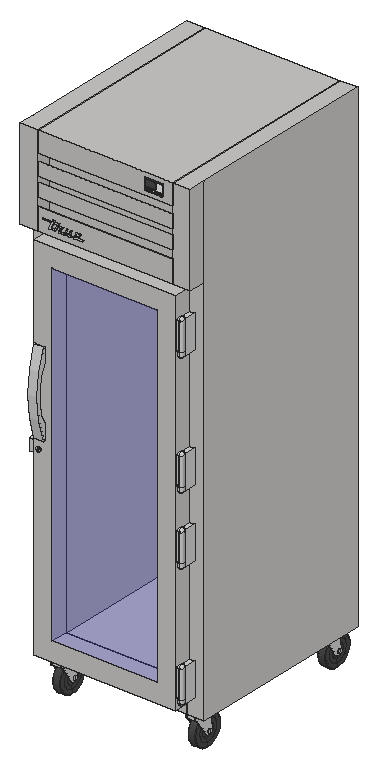
Revit family "QF_TRUE_STG1R-1G-HC", category Specialty Equipment, Revit 2012
Parameters
  Weight in Pounds = 0
  Watts = Volts * FL Amps  # 437 W
  Volts = 115 V
  URL Cutsheet = "www.truemfg.com"
  URL = "www.truemfg.com"
  Type Mark [instance] = ""
  Type Comments = ""
  Status [instance] = ""
  Specification by User [instance] = ""
  Specification by Manufacturer = ""
  Show Seismic Flanged [instance] = no
  Show Logo [instance] = yes
  Show Legs [instance] = no
  Show Clearance [instance] = yes
  Serial Number = ""
  Seismic Rating = ""
  Seismic Plate [instance] = and(Show Seismic Flanged, not(Show Casters))  # no
  SMACNA No = ""
  Revision Code [instance] = ""
  Phase = 1
  Omniclass Number and Title = ""
  Number of Poles [instance] = 1
  NAFEM Spec ID Number = ""
  Model = "STG1R-1G-HC"
  Min Ckt Ampacity = 0 A
  Max Overcurrent Protection = 0 A
  Masterspec = ""
  Manufacturer = "TRUE FOOD SERVICE EQUIPMENT, INC."
  Length = 27 1/2"
  Legs [instance] = or(Show Legs, Show Seismic Flanged)  # no
  Item Number [instance] = ""
  Installed By [instance] = ""
  Identify Quantity as Lot [instance] = yes
  Height = 77 3/4"
  HP = "1/4"
  Furnished By [instance] = ""
  Foodservice Equipment Identifier [instance] = yes
  FL Amps = 3.8 A
  Electrical Remarks [instance] = ""
  Electric Connection Type [instance] = ""
  Elec Conn RI Height [instance] = 0"
  Elec Conn Connection Height [instance] = 0"
  Description = "REACH-IN GLASS SWING DOOR REFRIGERATORS WITH HYDROCARBON REFRIGERANT WITH LED LIGHTING"
  Depth = 33 3/4"
  Cycle = 60 Hz
  Conn Plug = "5-15P"
  Conn Conduit = yes
  Show Casters [instance] = and(not(if(Show Legs, Show Legs, Show Legs)), not(if(Show Legs, Show Legs, Show Seismic Flanged)))  # yes
  CSI MasterFormat = ""
  CSI Master Format = ""
  Apparent Power = if(Phase = 3, Volts * FL Amps * 1.73, Volts * FL Amps)  # 437 VA
Reference planes (in)
  plane 1 "BACK": y = 0
  plane 2: z = 0
  plane 3 "LEFT": x = 0
  plane 4 "RIGHT": x = 27.5
  plane 5 "FRONT": y = -33.75
  plane 6 "TOP": z = 84.125
  plane 7: z = 6.125
  plane 8: x = 2.84375
  plane 9: y = -33.7042
  plane 10: y = -35.21875
  plane 11: y = -56.78125
Forms (in)
  Extrusion 1, solid, material "QF_Finishes_Stainless Steel"
    sketch origin (0.05, 0, 0) x (1, 0, 0) y (0, 1, 0)
      loop
        line (-0.05, 0) -> (-0.05, -31) -> (2.87859, -31) -> (2.87859, 0) -> (-0.05, 0)
    from 6.125 to 84.125
  Extrusion 2, solid, material "QF_Finishes_Stainless Steel"
    sketch origin (50.15, 0, 0) x (1, 0, 0) y (0, 1, 0)
      loop
        line (-25.44375, 0) -> (-25.44375, -31) -> (-22.65, -31) -> (-22.65, 0) -> (-25.44375, 0)
    from 6.125 to 84.125
  Extrusion 3, solid, material "QF_Finishes_Stainless Steel"
    sketch origin (0, 0, 0) x (0, 1, 0) y (0, 0, 1)
      loop
        line (-33.7042, 69.5) -> (-31, 69.5) -> (-31, 67) -> (-30, 67) -> (-30, 69.5) -> (-2, 69.5) -> (-2, 8.98627) -> (-31, 8.98627) -> (-31, 6.125) -> (0, 6.125) -> (0, 84.125) -> (-33.7042, 84.125) -> (-33.7042, 80.78078) -> (-31.5, 79.21352) -> (-31.5, 78.09125) -> (-33.7042, 79.65851) -> (-33.7042, 77.5248) -> (-31.5, 75.95754) -> (-31.5, 74.99678) -> (-33.7042, 76.56404) -> (-33.7042, 74.46784) -> (-31.5, 72.90057) -> (-31.5, 71.625) -> (-33.7042, 73.19226) -> (-33.7042, 69.5)
    from 2.92859 to 24.70625
  Extrusion 4, solid, material "QF_Finishes_Stainless Steel"
    sketch origin (0, 0, 0) x (1, 0, 0) y (0, 1, 0)
      loop
        line (27.45312, -31) -> (24.70625, -31) -> (24.70625, -33.75) -> (27.45312, -33.75) -> (27.45312, -31)
    from 69.5 to 84.125
  Extrusion 5, solid, material "QF_Finishes_Stainless Steel"
    sketch origin (-50.125, 0, 0.25) x (1, 0, 0) y (0, 1, 0)
      loop
        line (53.05359, -31) -> (50.17188, -31) -> (50.17188, -33.75) -> (53.05359, -33.75) -> (53.05359, -31)
    from 69.25 to 83.875
  Extrusion 6, solid, material "QF_Finishes_Stainless Steel"
    sketch origin (-24.96875, 0, -0.71875) x (1, 0, 0) y (0, 0, 1)
      loop
        line (27.15625, 8.75) -> (50.09375, 8.75) -> (50.09375, 68.6875) -> (27.15625, 68.6875) -> (27.15625, 8.75)
      loop
        line (30.15625, 65.6875) -> (30.15625, 11.75) -> (47.1875, 11.75) -> (47.1875, 65.6875) -> (30.15625, 65.6875)
    from 31 to 33.75
  Extrusion 7, solid, material "QF_Finishes_Handrails and Railings"
    sketch origin (-8.40259, -0.25, 93.45208) x (0, 1, 0) y (0, 0, 1)
      loop
        line (-33.5, -53.875) -> (-33.5, -51.475)
        arc (-33.5, -51.475) -> (-34.52642, -47.075) -> (-33.5, -42.675) r 9.94402
        line (-33.5, -42.675) -> (-33.5, -40.275) -> (-33.7, -40.275)
        arc (-33.7, -40.275) -> (-34.96911, -47.075) -> (-33.7, -53.875) r 18.85204
        line (-33.7, -53.875) -> (-33.5, -53.875)
    from 10.87731 to 12.37731
  Extrusion 8, solid, material "QF_Finishes_Handrails and Railings"
    sketch origin (-23.375, 0, -2) x (1, 0, 0) y (0, 0, 1)
      loop
        circle (26.4375, 40.0625) r 0.35
      loop
        line (26.47265, 40.33635) -> (26.41715, 40.33635) -> (26.41715, 39.76895) -> (26.47265, 39.76895) -> (26.47265, 40.33635)
    from 33.5 to 33.83066
  Extrusion 9, solid, material "QF_Finishes_Handrails and Railings", visible <- "Show Logo"
    sketch origin (0.33478, 1.08173, -6.73143) x (1, 0, 0) y (0, 0, 1)
      loop
        line (3.46044, 78.46231) -> (3.35478, 78.23573) -> (4.76027, 78.23573)
        arc (4.76027, 78.23573) -> (4.78879, 78.18528) -> (4.76027, 78.13484) r 0.05887
        line (4.76027, 78.13484) -> (4.39369, 77.34872)
        arc (4.39369, 77.34872) -> (4.39051, 77.27591) -> (4.43975, 77.22217) r 0.09523
        line (4.43975, 77.22217) -> (5.33844, 77.22217)
        arc (5.33844, 77.22217) -> (5.45192, 77.25795) -> (5.52436, 77.35235) r 0.19785
        line (5.52436, 77.35235) -> (5.81285, 77.97101) -> (6.0779, 77.97101)
        arc (6.0779, 77.97101) -> (6.14744, 77.94543) -> (6.13737, 77.87203) r 0.05911
        line (6.13737, 77.87203) -> (5.89598, 77.35437)
        arc (5.89598, 77.35437) -> (5.89974, 77.2684) -> (5.97231, 77.22217) r 0.09318
        line (5.97231, 77.22217) -> (6.76198, 77.22217)
        arc (6.76198, 77.22217) -> (6.82249, 77.24419) -> (6.85468, 77.29995) r 0.09412
        arc (6.85468, 77.29995) -> (6.87746, 77.24495) -> (6.93246, 77.22217) r 0.07778
        line (6.93246, 77.22217) -> (7.43246, 77.22217)
        arc (7.43246, 77.22217) -> (7.49022, 77.23765) -> (7.53251, 77.27993) r 0.11552
        arc (7.53251, 77.27993) -> (7.55275, 77.23106) -> (7.60162, 77.21081) r 0.06912
        line (7.60162, 77.21081) -> (8.31225, 77.21081)
        arc (8.31225, 77.21081) -> (8.37034, 77.23488) -> (8.39441, 77.29297) r 0.08216
        arc (8.39441, 77.29297) -> (8.44767, 77.23972) -> (8.52042, 77.22022) r 0.14551
        line (8.52042, 77.22022) -> (9.85158, 77.22022) -> (9.99946, 77.47634) -> (8.65678, 77.47634)
        arc (8.65678, 77.47634) -> (8.61972, 77.50204) -> (8.61834, 77.54711) r 0.05009
        line (8.61834, 77.54711) -> (8.64157, 77.59692)
        arc (8.64157, 77.59692) -> (8.67723, 77.64364) -> (8.73327, 77.66135) r 0.09747
        line (8.73327, 77.66135) -> (9.16485, 77.66135)
        arc (9.16485, 77.66135) -> (9.258, 77.68631) -> (9.32619, 77.7545) r 0.1863
        line (9.32619, 77.7545) -> (9.45119, 77.97101)
        arc (9.45119, 77.97101) -> (9.45119, 78.08657) -> (9.35111, 78.14434) r 0.11556
        line (9.35111, 78.14434) -> (8.89562, 78.14434)
        arc (8.89562, 78.14434) -> (8.7795, 78.12462) -> (8.69849, 78.03912) r 0.18605
        line (8.69849, 78.03912) -> (8.48204, 77.57493)
        arc (8.48204, 77.57493) -> (8.41815, 77.49167) -> (8.31806, 77.46011) r 0.1745
        line (8.31806, 77.46011) -> (7.84559, 77.46011)
        arc (7.84559, 77.46011) -> (7.78903, 77.52184) -> (7.79268, 77.60548) r 0.10939
        line (7.79268, 77.60548) -> (8.04395, 78.14434) -> (7.88403, 78.14434) -> (7.61781, 77.57344)
        arc (7.61781, 77.57344) -> (7.56609, 77.50603) -> (7.48505, 77.48048) r 0.14128
        line (7.48505, 77.48048) -> (7.15925, 77.48048)
        arc (7.15925, 77.48048) -> (7.10419, 77.55223) -> (7.116, 77.64189) r 0.11816
        line (7.116, 77.64189) -> (7.3503, 78.14434) -> (7.18514, 78.14434) -> (6.91546, 77.566)
        arc (6.91546, 77.566) -> (6.85285, 77.50339) -> (6.76733, 77.48048) r 0.17104
        line (6.76733, 77.48048) -> (6.29555, 77.48048)
        arc (6.29555, 77.48048) -> (6.21082, 77.51999) -> (6.20267, 77.61313) r 0.0935
        line (6.20267, 77.61313) -> (6.35774, 77.94569) -> (6.57695, 77.94569)
        arc (6.57695, 77.94569) -> (6.61395, 78.05717) -> (6.69267, 78.14434) r 0.2857
        line (6.69267, 78.14434) -> (5.83605, 78.14434)
        arc (5.83605, 78.14434) -> (5.74086, 78.12324) -> (5.67498, 78.05135) r 0.16212
        line (5.67498, 78.05135) -> (5.44279, 77.55341)
        arc (5.44279, 77.55341) -> (5.3894, 77.50002) -> (5.31647, 77.48048) r 0.14586
        line (5.31647, 77.48048) -> (4.80506, 77.48048)
        arc (4.80506, 77.48048) -> (4.76514, 77.53442) -> (4.77274, 77.60109) r 0.09155
        line (4.77274, 77.60109) -> (5.11018, 78.23573) -> (5.96155, 78.23573) -> (6.06721, 78.46231) -> (5.21584, 78.46231) -> (5.32149, 78.68888) -> (5.01862, 78.68888) -> (4.91297, 78.46231) -> (3.46044, 78.46231)
      loop
        arc (8.83805, 77.93863) -> (8.80119, 77.92875) -> (8.7742, 77.90176) r 0.07373
        line (8.7742, 77.90176) -> (8.75229, 77.83436)
        arc (8.75229, 77.83436) -> (8.76245, 77.80983) -> (8.78699, 77.79966) r 0.0347
        line (8.78699, 77.79966) -> (9.15948, 77.79966)
        arc (9.15948, 77.79966) -> (9.18632, 77.80561) -> (9.20812, 77.82234) r 0.0635
        line (9.20812, 77.82234) -> (9.22624, 77.90622)
        arc (9.22624, 77.90622) -> (9.22091, 77.92868) -> (9.20009, 77.93863) r 0.02676
        line (9.20009, 77.93863) -> (8.83805, 77.93863)
    from 34.76797 to 34.83173
  Extrusion 10, solid, material "QF_Finishes_White"
    sketch origin (-23.16691, 1.06376, 1.58022) x (1, 0, 0) y (0, 0, 1)
      loop
        line (43.31732, 81.73227) -> (43.31732, 79.98496) -> (46.22357, 79.98496) -> (46.22357, 81.73227) -> (43.31732, 81.73227)
    from 34.75 to 34.76797
  Extrusion 11, solid, material "QF_Finishes_Black"
    sketch origin (-23.16691, 1.06376, 1.58022) x (1, 0, 0) y (0, 0, 1)
      loop
        line (46.28607, 81.79477) -> (43.25482, 81.79477) -> (43.25482, 79.92246) -> (46.28607, 79.92246) -> (46.28607, 81.79477)
      loop
        spline (43.45482, 80.25372) -> (43.46333, 80.23754) -> (43.48831, 80.22247) -> (43.52804, 80.20952) -> (43.57982, 80.19959) -> (43.64011, 80.19335) -> (43.70482, 80.19122) -> (43.76952, 80.19335) -> (43.82982, 80.19959) -> (43.88159, 80.20952) -> (43.92132, 80.22247) -> (43.9463, 80.23754) -> (43.95482, 80.25372)
        spline (43.95482, 80.25372) -> (43.9463, 80.26989) -> (43.92132, 80.28497) -> (43.88159, 80.29791) -> (43.82982, 80.30784) -> (43.76952, 80.31409) -> (43.70482, 80.31622) -> (43.64011, 80.31409) -> (43.57982, 80.30784) -> (43.52804, 80.29791) -> (43.48831, 80.28497) -> (43.46333, 80.26989) -> (43.45482, 80.25372)
      loop
        spline (44.15083, 80.25372) -> (44.15935, 80.23754) -> (44.18432, 80.22247) -> (44.22405, 80.20952) -> (44.27583, 80.19959) -> (44.33612, 80.19335) -> (44.40083, 80.19122) -> (44.46553, 80.19335) -> (44.52583, 80.19959) -> (44.57761, 80.20952) -> (44.61734, 80.22247) -> (44.64231, 80.23754) -> (44.65083, 80.25372)
        spline (44.65083, 80.25372) -> (44.64231, 80.26989) -> (44.61734, 80.28497) -> (44.57761, 80.29791) -> (44.52583, 80.30784) -> (44.46553, 80.31409) -> (44.40083, 80.31622) -> (44.33612, 80.31409) -> (44.27583, 80.30784) -> (44.22405, 80.29791) -> (44.18432, 80.28497) -> (44.15935, 80.26989) -> (44.15083, 80.25372)
      loop
        spline (44.90083, 80.25372) -> (44.90935, 80.23754) -> (44.93432, 80.22247) -> (44.97405, 80.20952) -> (45.02583, 80.19959) -> (45.08612, 80.19335) -> (45.15083, 80.19122) -> (45.21553, 80.19335) -> (45.27583, 80.19959) -> (45.32761, 80.20952) -> (45.36734, 80.22247) -> (45.39231, 80.23754) -> (45.40083, 80.25372)
        spline (45.40083, 80.25372) -> (45.39231, 80.26989) -> (45.36734, 80.28497) -> (45.32761, 80.29791) -> (45.27583, 80.30784) -> (45.21553, 80.31409) -> (45.15083, 80.31622) -> (45.08612, 80.31409) -> (45.02583, 80.30784) -> (44.97405, 80.29791) -> (44.93432, 80.28497) -> (44.90935, 80.26989) -> (44.90083, 80.25372)
      loop
        line (43.45481, 81.59478) -> (43.45481, 80.59478) -> (45.15433, 80.59478) -> (45.15433, 81.59478) -> (43.45481, 81.59478)
      loop
        line (46.22357, 81.73227) -> (43.31732, 81.73227) -> (43.31732, 79.98496) -> (46.22357, 79.98496) -> (46.22357, 81.73227)
      loop
        spline (45.65083, 80.25372) -> (45.65935, 80.23754) -> (45.68432, 80.22247) -> (45.72405, 80.20952) -> (45.77583, 80.19959) -> (45.83612, 80.19335) -> (45.90083, 80.19122) -> (45.96553, 80.19335) -> (46.02583, 80.19959) -> (46.07761, 80.20952) -> (46.11734, 80.22247) -> (46.14231, 80.23754) -> (46.15083, 80.25372)
        spline (46.15083, 80.25372) -> (46.14231, 80.26989) -> (46.11734, 80.28497) -> (46.07761, 80.29791) -> (46.02583, 80.30784) -> (45.96553, 80.31409) -> (45.90083, 80.31622) -> (45.83612, 80.31409) -> (45.77583, 80.30784) -> (45.72405, 80.29791) -> (45.68432, 80.28497) -> (45.65935, 80.26989) -> (45.65083, 80.25372)
    from 34.76797 to 34.80335
  Extrusion 12, solid
    sketch origin (-25.125, 0, 0) x (1, 0, 0) y (0, 0, 1)
      loop
        circle (49.375, 82) r 0.25
    from 0 to 0.0625
  Blend 13, solid, material "QF_Finishes_Handrails and Railings"
    base sketch origin (27.53125, 0, 0) x (-1, 0, 0) y (0, 0, -1)
      loop
        line (25.25, -38.99169) -> (26, -38.99169) -> (26, -37.24169) -> (25.25, -37.24169) -> (25.25, -38.99169)
    top sketch origin (27.53125, 0, 0) x (-1, 0, 0) y (0, 0, -1)
      loop
        line (26.18223, -36.6441) -> (25.25, -36.6441) -> (25.25, -39.42643) -> (26.18223, -39.42643) -> (26.18223, -36.6441)
    from 33.57883 to 31
  Extrusion 14, solid, material "QF_Finishes_Handrails and Railings"
    sketch origin (26.1875, 0, 0) x (0, 1, 0) y (0, 0, -1)
      loop
        line (-31, -64.55229) -> (-31, -59.23627) -> (-33.25, -59.23627) -> (-33.25, -59.94848) -> (-32.81497, -59.94848) -> (-32.81497, -64.34776)
        arc (-32.81497, -64.34776) -> (-32.75506, -64.49238) -> (-32.61044, -64.55229) r 0.20453
        line (-32.61044, -64.55229) -> (-31, -64.55229)
    from 0.17506 to 1
  Revolve 15, solid, material "QF_Finishes_Handrails and Railings"
    sketch origin (25.6875, 0, 0) x (0, 1, 0) y (0, 0, -1)
      loop
        line (-33.26563, -60.00189) -> (-33.67229, -60.00189) -> (-33.67229, -64.4736)
        arc (-33.67229, -64.4736) -> (-33.53722, -64.72557) -> (-33.26563, -64.81483) r 0.3848
        line (-33.26563, -64.81483) -> (-33.26563, -60.00189)
      loop
        line (-33.26563, -59.94848) -> (-33.26563, -59.04781)
        arc (-33.26563, -59.04781) -> (-33.53264, -59.13383) -> (-33.67229, -59.37712) r 0.38884
        line (-33.67229, -59.37712) -> (-33.67229, -59.94848) -> (-33.26563, -59.94848)
      axis (-33.26563, -59.04781) -> (-33.26563, -64.81483)
    angle from 0 to 360
  Extrusion 16, solid, material "QF_Finishes_Handrails and Railings"
    sketch origin (27.5, 0, 0) x (-1, 0, 0) y (0, 0, -1)
      loop
        line (1.91491, -64.4736) -> (2.3125, -64.4736) -> (2.3125, -60.00079) -> (1.91491, -60.00079) -> (1.91491, -64.4736)
    from 32.81497 to 33.59495
  Extrusion 17, solid, material "QF_Finishes_Handrails and Railings"
    sketch origin (26.1875, 0, -19.5) x (0, 1, 0) y (0, 0, -1)
      loop
        line (-31, -64.55229) -> (-31, -59.23627) -> (-33.25, -59.23627) -> (-33.25, -59.94848) -> (-32.81497, -59.94848) -> (-32.81497, -64.34776)
        arc (-32.81497, -64.34776) -> (-32.75506, -64.49238) -> (-32.61044, -64.55229) r 0.20453
        line (-32.61044, -64.55229) -> (-31, -64.55229)
    from 0.17506 to 1
  Revolve 18, solid, material "QF_Finishes_Handrails and Railings"
    sketch origin (25.6875, 0, -19.5) x (0, 1, 0) y (0, 0, -1)
      loop
        line (-33.26563, -60.00189) -> (-33.67229, -60.00189) -> (-33.67229, -64.4736)
        arc (-33.67229, -64.4736) -> (-33.53722, -64.72557) -> (-33.26563, -64.81483) r 0.3848
        line (-33.26563, -64.81483) -> (-33.26563, -60.00189)
      loop
        line (-33.26563, -59.94848) -> (-33.26563, -59.04781)
        arc (-33.26563, -59.04781) -> (-33.53264, -59.13383) -> (-33.67229, -59.37712) r 0.38884
        line (-33.67229, -59.37712) -> (-33.67229, -59.94848) -> (-33.26563, -59.94848)
      axis (-33.26563, -59.04781) -> (-33.26563, -64.81483)
    angle from 0 to 360
  Extrusion 19, solid, material "QF_Finishes_Handrails and Railings"
    sketch origin (27.5, 0, -19.5) x (-1, 0, 0) y (0, 0, -1)
      loop
        line (1.91491, -64.4736) -> (2.3125, -64.4736) -> (2.3125, -60.00079) -> (1.91491, -60.00079) -> (1.91491, -64.4736)
    from 32.81497 to 33.59495
  Extrusion 20, solid, material "QF_Finishes_Handrails and Railings"
    sketch origin (26.1875, 0, -30.5) x (0, 1, 0) y (0, 0, -1)
      loop
        line (-31, -64.55229) -> (-31, -59.23627) -> (-33.25, -59.23627) -> (-33.25, -59.94848) -> (-32.81497, -59.94848) -> (-32.81497, -64.34776)
        arc (-32.81497, -64.34776) -> (-32.75506, -64.49238) -> (-32.61044, -64.55229) r 0.20453
        line (-32.61044, -64.55229) -> (-31, -64.55229)
    from 0.17506 to 1
  Revolve 21, solid, material "QF_Finishes_Handrails and Railings"
    sketch origin (25.6875, 0, -30.5) x (0, 1, 0) y (0, 0, -1)
      loop
        line (-33.26563, -60.00189) -> (-33.67229, -60.00189) -> (-33.67229, -64.4736)
        arc (-33.67229, -64.4736) -> (-33.53722, -64.72557) -> (-33.26563, -64.81483) r 0.3848
        line (-33.26563, -64.81483) -> (-33.26563, -60.00189)
      loop
        line (-33.26563, -59.94848) -> (-33.26563, -59.04781)
        arc (-33.26563, -59.04781) -> (-33.53264, -59.13383) -> (-33.67229, -59.37712) r 0.38884
        line (-33.67229, -59.37712) -> (-33.67229, -59.94848) -> (-33.26563, -59.94848)
      axis (-33.26563, -59.04781) -> (-33.26563, -64.81483)
    angle from 0 to 360
  Extrusion 22, solid, material "QF_Finishes_Handrails and Railings"
    sketch origin (27.5, 0, -30.5) x (-1, 0, 0) y (0, 0, -1)
      loop
        line (1.91491, -64.4736) -> (2.3125, -64.4736) -> (2.3125, -60.00079) -> (1.91491, -60.00079) -> (1.91491, -64.4736)
    from 32.81497 to 33.59495
  Extrusion 23, solid, material "QF_Finishes_Handrails and Railings"
    sketch origin (26.1875, 0, -50.25) x (0, 1, 0) y (0, 0, -1)
      loop
        line (-31, -64.55229) -> (-31, -59.23627) -> (-33.25, -59.23627) -> (-33.25, -59.94848) -> (-32.81497, -59.94848) -> (-32.81497, -64.34776)
        arc (-32.81497, -64.34776) -> (-32.75506, -64.49238) -> (-32.61044, -64.55229) r 0.20453
        line (-32.61044, -64.55229) -> (-31, -64.55229)
    from 0.17506 to 1
  Revolve 24, solid, material "QF_Finishes_Handrails and Railings"
    sketch origin (25.6875, 0, -50.25) x (0, 1, 0) y (0, 0, -1)
      loop
        line (-33.26563, -60.00189) -> (-33.67229, -60.00189) -> (-33.67229, -64.4736)
        arc (-33.67229, -64.4736) -> (-33.53722, -64.72557) -> (-33.26563, -64.81483) r 0.3848
        line (-33.26563, -64.81483) -> (-33.26563, -60.00189)
      loop
        line (-33.26563, -59.94848) -> (-33.26563, -59.04781)
        arc (-33.26563, -59.04781) -> (-33.53264, -59.13383) -> (-33.67229, -59.37712) r 0.38884
        line (-33.67229, -59.37712) -> (-33.67229, -59.94848) -> (-33.26563, -59.94848)
      axis (-33.26563, -59.04781) -> (-33.26563, -64.81483)
    angle from 0 to 360
  Extrusion 25, solid, material "QF_Finishes_Handrails and Railings"
    sketch origin (27.5, 0, -50.25) x (-1, 0, 0) y (0, 0, -1)
      loop
        line (1.91491, -64.4736) -> (2.3125, -64.4736) -> (2.3125, -60.00079) -> (1.91491, -60.00079) -> (1.91491, -64.4736)
    from 32.81497 to 33.59495
  Revolve 26, solid, material "QF_Finishes_Black", visible <- "Show Casters"
    sketch origin (22.65625, -27.375, 0) x (1, 0, 0) y (0, 0, 1)
      loop
        line (1.475, 5) -> (1.375, 4.9) -> (1.375, 4.29941) -> (1.53601, 4.29941) -> (1.53601, 3.54941) -> (1.375, 3.54941) -> (1.375, 2.79941) -> (0.975, 2.79941) -> (0.975, 2.5) -> (3.025, 2.5) -> (3.025, 2.79941) -> (2.62908, 2.79941) -> (2.62908, 3.54941) -> (2.46399, 3.54941) -> (2.46399, 4.29941) -> (2.62908, 4.29941) -> (2.62908, 4.89592) -> (2.525, 5) -> (1.475, 5)
      axis (3.025, 2.5) -> (0.975, 2.5)
    angle from 0 to 360
  Extrusion 27, solid, material "QF_Finishes_Handrails and Railings", visible <- "Show Casters"
    sketch origin (22.5625, 0, 0) x (0, 1, 0) y (0, 0, 1)
      loop
        line (-29.95136, 5.48574) -> (-29.95136, 4.88089) -> (-29.70136, 4.88089) -> (-27.95216, 2.18736)
        arc (-27.95216, 2.18736) -> (-27.23883, 1.94868) -> (-26.84581, 2.59003) r 0.60416
        line (-26.84581, 2.59003) -> (-27.20136, 5.48574) -> (-29.95136, 5.48574)
      loop
        line (-3.8577, 5.48574) -> (-3.8577, 4.88089) -> (-3.6077, 4.88089) -> (-1.8585, 2.18736)
        arc (-1.8585, 2.18736) -> (-1.14517, 1.94868) -> (-0.75215, 2.59003) r 0.60416
        line (-0.75215, 2.59003) -> (-1.1077, 5.48574) -> (-3.8577, 5.48574)
    from 1.175 to 1.325
  Extrusion 28, solid, material "QF_Finishes_Handrails and Railings", visible <- "Show Casters"
    sketch origin (24.0625, 0, 0) x (0, 1, 0) y (0, 0, 1)
      loop
        line (-29.95136, 5.48574) -> (-29.95136, 4.88089) -> (-29.70136, 4.88089) -> (-27.95216, 2.18736)
        arc (-27.95216, 2.18736) -> (-27.23883, 1.94868) -> (-26.84581, 2.59003) r 0.60416
        line (-26.84581, 2.59003) -> (-27.20136, 5.48574) -> (-29.95136, 5.48574)
      loop
        line (-3.8577, 5.48574) -> (-3.8577, 4.88089) -> (-3.6077, 4.88089) -> (-1.8585, 2.18736)
        arc (-1.8585, 2.18736) -> (-1.14517, 1.94868) -> (-0.75215, 2.59003) r 0.60416
        line (-0.75215, 2.59003) -> (-1.1077, 5.48574) -> (-3.8577, 5.48574)
    from 1.175 to 1.325
  Revolve 29, solid, material "QF_Finishes_Chrome - Satin", visible <- "Show Casters"
    sketch origin (22.65625, -28.5625, -0.5) x (1, 0, 0) y (0, 0, 1)
      loop
        line (2, 5.99546) -> (2, 6.62359) -> (0.70293, 6.62359) -> (0.70293, 5.99546) -> (2, 5.99546)
      axis (2, 5.99546) -> (2, 6.62359)
    angle from 0 to 360
  Revolve 30, solid, material "QF_Finishes_Chrome - Satin", visible <- "Legs"
    sketch origin (22.65625, -2.69102, 0) x (1, 0, 0) y (0, 0, 1)
      loop
        line (2, 6.125) -> (0.66662, 6.125) -> (1.25, 1) -> (1.5, 1) -> (1.5, 0) -> (2, 0) -> (2, 6.125)
      axis (2, 0) -> (2, 6.125)
    angle from 0 to 360
  Revolve 31, solid, material "QF_Finishes_Chrome - Satin", visible <- "Legs"
    sketch origin (22.65625, -28.65977, 0) x (1, 0, 0) y (0, 0, 1)
      loop
        line (2, 6.125) -> (0.66662, 6.125) -> (1.25, 1) -> (1.5, 1) -> (1.5, 0) -> (2, 0) -> (2, 6.125)
      axis (2, 0) -> (2, 6.125)
    angle from 0 to 360
  Revolve 32, solid, material "QF_Finishes_Chrome - Satin", visible <- "Show Casters"
    sketch origin (22.65625, -2.70321, -0.5) x (1, 0, 0) y (0, 0, 1)
      loop
        line (2, 5.99546) -> (2, 6.62359) -> (0.70293, 6.62359) -> (0.70293, 5.99546) -> (2, 5.99546)
      axis (2, 5.99546) -> (2, 6.62359)
    angle from 0 to 360
  Extrusion 33, solid, material "QF_Finishes_Handrails and Railings", visible <- "Show Casters"
    sketch origin (-25.21875, 0, 0) x (0, 1, 0) y (0, 0, 1)
      loop
        line (-29.95136, 5.48574) -> (-29.95136, 4.88089) -> (-29.70136, 4.88089) -> (-27.16533, 5.19227) -> (-27.20136, 5.48574) -> (-29.95136, 5.48574)
      loop
        line (-3.8577, 5.48574) -> (-3.8577, 4.88089) -> (-3.6077, 4.88089) -> (-1.07167, 5.19227) -> (-1.1077, 5.48574) -> (-3.8577, 5.48574)
    from 49.10625 to 50.45625
  Revolve 34, solid, material "QF_Finishes_Black", visible <- "Show Casters"
    sketch origin (22.65625, -1.21875, 0) x (1, 0, 0) y (0, 0, 1)
      loop
        line (1.475, 5) -> (1.375, 4.9) -> (1.375, 4.29941) -> (1.53601, 4.29941) -> (1.53601, 3.54941) -> (1.375, 3.54941) -> (1.375, 2.79941) -> (0.975, 2.79941) -> (0.975, 2.5) -> (3.025, 2.5) -> (3.025, 2.79941) -> (2.62908, 2.79941) -> (2.62908, 3.54941) -> (2.46399, 3.54941) -> (2.46399, 4.29941) -> (2.62908, 4.29941) -> (2.62908, 4.89592) -> (2.525, 5) -> (1.475, 5)
      axis (3.025, 2.5) -> (0.975, 2.5)
    angle from 0 to 360
  Revolve 35, solid, material "QF_Finishes_Black", visible <- "Show Casters"
    sketch origin (0.84375, -27.375, 0) x (1, 0, 0) y (0, 0, 1)
      loop
        line (1.475, 5) -> (1.375, 4.9) -> (1.375, 4.29941) -> (1.53601, 4.29941) -> (1.53601, 3.54941) -> (1.375, 3.54941) -> (1.375, 2.79941) -> (0.975, 2.79941) -> (0.975, 2.5) -> (3.025, 2.5) -> (3.025, 2.79941) -> (2.62908, 2.79941) -> (2.62908, 3.54941) -> (2.46399, 3.54941) -> (2.46399, 4.29941) -> (2.62908, 4.29941) -> (2.62908, 4.89592) -> (2.525, 5) -> (1.475, 5)
      axis (3.025, 2.5) -> (0.975, 2.5)
    angle from 0 to 360
  Extrusion 36, solid, material "QF_Finishes_Handrails and Railings", visible <- "Show Casters"
    sketch origin (0.84375, 0, 0) x (0, 1, 0) y (0, 0, 1)
      loop
        line (-29.95136, 5.48574) -> (-29.95136, 4.88089) -> (-29.70136, 4.88089) -> (-27.95216, 2.18736)
        arc (-27.95216, 2.18736) -> (-27.23883, 1.94868) -> (-26.84581, 2.59003) r 0.60416
        line (-26.84581, 2.59003) -> (-27.20136, 5.48574) -> (-29.95136, 5.48574)
      loop
        line (-3.8577, 5.48574) -> (-3.8577, 4.88089) -> (-3.6077, 4.88089) -> (-1.8585, 2.18736)
        arc (-1.8585, 2.18736) -> (-1.14517, 1.94868) -> (-0.75215, 2.59003) r 0.60416
        line (-0.75215, 2.59003) -> (-1.1077, 5.48574) -> (-3.8577, 5.48574)
    from 1.175 to 1.325
  Extrusion 37, solid, material "QF_Finishes_Handrails and Railings", visible <- "Show Casters"
    sketch origin (2.34375, 0, 0) x (0, 1, 0) y (0, 0, 1)
      loop
        line (-29.95136, 5.48574) -> (-29.95136, 4.88089) -> (-29.70136, 4.88089) -> (-27.95216, 2.18736)
        arc (-27.95216, 2.18736) -> (-27.23883, 1.94868) -> (-26.84581, 2.59003) r 0.60416
        line (-26.84581, 2.59003) -> (-27.20136, 5.48574) -> (-29.95136, 5.48574)
      loop
        line (-3.8577, 5.48574) -> (-3.8577, 4.88089) -> (-3.6077, 4.88089) -> (-1.8585, 2.18736)
        arc (-1.8585, 2.18736) -> (-1.14517, 1.94868) -> (-0.75215, 2.59003) r 0.60416
        line (-0.75215, 2.59003) -> (-1.1077, 5.48574) -> (-3.8577, 5.48574)
    from 1.175 to 1.325
  Revolve 38, solid, material "QF_Finishes_Chrome - Satin", visible <- "Show Casters"
    sketch origin (0.84375, -28.5625, -0.5) x (1, 0, 0) y (0, 0, 1)
      loop
        line (2, 5.99546) -> (2, 6.62359) -> (0.70293, 6.62359) -> (0.70293, 5.99546) -> (2, 5.99546)
      axis (2, 5.99546) -> (2, 6.62359)
    angle from 0 to 360
  Revolve 39, solid, material "QF_Finishes_Chrome - Satin", visible <- "Legs"
    sketch origin (0.84375, -2.69102, 0) x (1, 0, 0) y (0, 0, 1)
      loop
        line (2, 6.125) -> (0.66662, 6.125) -> (1.25, 1) -> (1.5, 1) -> (1.5, 0) -> (2, 0) -> (2, 6.125)
      axis (2, 0) -> (2, 6.125)
    angle from 0 to 360
  Revolve 40, solid, material "QF_Finishes_Chrome - Satin", visible <- "Legs"
    sketch origin (0.84375, -28.65977, 0) x (1, 0, 0) y (0, 0, 1)
      loop
        line (2, 6.125) -> (0.66662, 6.125) -> (1.25, 1) -> (1.5, 1) -> (1.5, 0) -> (2, 0) -> (2, 6.125)
      axis (2, 0) -> (2, 6.125)
    angle from 0 to 360
  Revolve 41, solid, material "QF_Finishes_Chrome - Satin", visible <- "Show Casters"
    sketch origin (0.84375, -2.70321, -0.5) x (1, 0, 0) y (0, 0, 1)
      loop
        line (2, 5.99546) -> (2, 6.62359) -> (0.70293, 6.62359) -> (0.70293, 5.99546) -> (2, 5.99546)
      axis (2, 5.99546) -> (2, 6.62359)
    angle from 0 to 360
  Extrusion 42, solid, material "QF_Finishes_Handrails and Railings", visible <- "Show Casters"
    sketch origin (-46.9375, 0, 0) x (0, 1, 0) y (0, 0, 1)
      loop
        line (-29.95136, 5.48574) -> (-29.95136, 4.88089) -> (-29.70136, 4.88089) -> (-27.16533, 5.19227) -> (-27.20136, 5.48574) -> (-29.95136, 5.48574)
      loop
        line (-3.8577, 5.48574) -> (-3.8577, 4.88089) -> (-3.6077, 4.88089) -> (-1.07167, 5.19227) -> (-1.1077, 5.48574) -> (-3.8577, 5.48574)
    from 49.10625 to 50.45625
  Revolve 43, solid, material "QF_Finishes_Black", visible <- "Show Casters"
    sketch origin (0.84375, -1.21875, 0) x (1, 0, 0) y (0, 0, 1)
      loop
        line (1.475, 5) -> (1.375, 4.9) -> (1.375, 4.29941) -> (1.53601, 4.29941) -> (1.53601, 3.54941) -> (1.375, 3.54941) -> (1.375, 2.79941) -> (0.975, 2.79941) -> (0.975, 2.5) -> (3.025, 2.5) -> (3.025, 2.79941) -> (2.62908, 2.79941) -> (2.62908, 3.54941) -> (2.46399, 3.54941) -> (2.46399, 4.29941) -> (2.62908, 4.29941) -> (2.62908, 4.89592) -> (2.525, 5) -> (1.475, 5)
      axis (3.025, 2.5) -> (0.975, 2.5)
    angle from 0 to 360
  Extrusion 44, solid, material "QF_Door-Drawer Clearances", visible <- "Show Clearance", detail levels coarse
    sketch origin (26.30341, -3.6098, 0) x (1, 0, 0) y (0, 1, 0)
      loop
        line (-1.17841, -30.1402) -> (-24.14716, -30.1402)
        arc (-24.14716, -30.1402) -> (-17.42013, -46.40027) -> (-1.17841, -53.17145) r 23.04305
        line (-1.17841, -53.17145) -> (-1.17841, -30.1402)
    from 8.03125 to 67.96875
  Extrusion 45, solid, material "Glass"
    sketch origin (-24.96875, 0, -0.71875) x (1, 0, 0) y (0, 0, 1)
      loop
        line (30.15625, 65.6875) -> (30.15625, 11.75) -> (47.1875, 11.75) -> (47.1875, 65.6875) -> (30.15625, 65.6875)
    from 31 to 33.75
  Extrusion 46, solid, material "QF_Finishes_Chrome - Satin", visible <- "Seismic Plate"
    sketch origin (-0.22541, -26.96562, 0) x (1, 0, 0) y (0, 1, 0)
      loop
        circle (3.06916, -1.69416) r 1.5
    from 0 to 0.25
  Extrusion 47, solid, material "QF_Finishes_Chrome - Satin", visible <- "Seismic Plate"
    sketch origin (-0.22541, -0.99687, 0) x (1, 0, 0) y (0, 1, 0)
      loop
        circle (3.06916, -1.69416) r 1.5
    from 0 to 0.25
  Extrusion 48, solid, material "QF_Finishes_Chrome - Satin", visible <- "Seismic Plate"
    sketch origin (21.49334, -0.99687, 0) x (1, 0, 0) y (0, 1, 0)
      loop
        circle (3.16291, -1.69416) r 1.5
    from 0 to 0.25
  Extrusion 49, solid, material "QF_Finishes_Chrome - Satin", visible <- "Seismic Plate"
    sketch origin (21.49334, -26.96562, 0) x (1, 0, 0) y (0, 1, 0)
      loop
        circle (3.16291, -1.69416) r 1.5
    from 0 to 0.25
Cuts and joins
  joined: Extrusion 1, Extrusion 2, Extrusion 4, Extrusion 5
Lines and regions (in)
  symbolic lines
    curve 1: line (0, 0, 0) -> (27.5, 0, 0)
    curve 2: line (0, -33.75, 0) -> (0, 0, 0)
    curve 3: line (27.5, -33.75, 0) -> (0, -33.75, 0)
    curve 4: line (27.5, 0, 0) -> (27.5, -33.75, 0)
    curve 5: line (27.5, -31.5, 0) -> (0, -31.5, 0)
    curve 24: line (3.97472, -33.75, 0) -> (3.97472, -35.21875, 0)
    curve 25: line (3.97472, -35.21875, 0) -> (2.47472, -35.21875, 0)
    curve 26: line (2.47472, -35.21875, 0) -> (2.47472, -33.75, 0)
    curve 27: line (2.47472, -33.95, 0) -> (3.97472, -33.95, 0)
  symbolic lines, style "SpecialityEquipmentHiddenLines", visible <- "Show Casters"
    curve 6: line (3.82597, -24.4208, 0) -> (5.12501, -25.1708, 0)
    curve 7: line (1.20097, -28.96743, 0) -> (3.82597, -24.4208, 0)
    curve 8: line (2.50001, -29.71743, 0) -> (1.20097, -28.96743, 0)
    curve 9: line (5.12501, -25.1708, 0) -> (2.50001, -29.71743, 0)
    curve 10: line (3.82597, -0.4208, 0) -> (5.12501, -1.1708, 0)
    curve 11: line (1.20097, -4.96743, 0) -> (3.82597, -0.4208, 0)
    curve 12: line (2.50001, -5.71743, 0) -> (1.20097, -4.96743, 0)
    curve 13: line (5.12501, -1.1708, 0) -> (2.50001, -5.71743, 0)
    curve 14: line (24.73343, -0.4208, 0) -> (26.03247, -1.1708, 0)
    curve 15: line (22.10843, -4.96743, 0) -> (24.73343, -0.4208, 0)
    curve 16: line (23.40747, -5.71743, 0) -> (22.10843, -4.96743, 0)
    curve 17: line (26.03247, -1.1708, 0) -> (23.40747, -5.71743, 0)
    curve 18: line (24.82718, -24.52487, 0) -> (26.12622, -25.27487, 0)
    curve 19: line (22.20218, -29.07151, 0) -> (24.82718, -24.52487, 0)
    curve 20: line (23.50122, -29.82151, 0) -> (22.20218, -29.07151, 0)
    curve 21: line (26.12622, -25.27487, 0) -> (23.50122, -29.82151, 0)
  symbolic lines, style "QF_Door-Drawer Clearances"
    curve 22: line (25.125, -33.75, 0) -> (5.23348, -45.23438, 0)
    curve 23: arc (5.23348, -45.23438, 0) -> (2.93889, -39.69475, 0) -> (2.15625, -33.75, 0) r 22.96875
Dimensions and locks (in)
  "Depth": plane 5 "FRONT" to plane 1 "BACK"
  plane 7 to level = 6 1/8"
  plane 6 "TOP" to level = 84 1/8"
  plane 6 "TOP" to plane 7 = 78"
  plane 6 "TOP" to cut or joined group of Extrusion 1, Extrusion 2, Extrusion 4, Extrusion 5 = 14 5/8"
  Extrusion 6 sketch curve to Extrusion 6 sketch curve = 22 15/16"
  Extrusion 6 to plane 1 "BACK" = 33 3/4"
  "Length": plane 3 "LEFT" to plane 4 "RIGHT"
  plane 4 "RIGHT" to plane 3 "LEFT" = 27 1/2"
  cut or joined group of Extrusion 1, Extrusion 2, Extrusion 4, Extrusion 5 to cut or joined group of Extrusion 1, Extrusion 2, Extrusion 4, Extrusion 5 = 27 13/32"
  locked: Extrusion 6 sketch curve to Extrusion 6 sketch curve at 3
  Extrusion 6 to Extrusion 6 = 22 15/16"
  plane 1 "BACK" to plane 10 = 35 7/32"
  plane 11 to plane 5 "FRONT" = 23 1/32"
  aligned and locked: level to plane 2
Automatic sketch dimensions
  Extrusion 1 sketch curve to plane 3 "LEFT" = 0"
  plane 1 "BACK" to Extrusion 1 sketch curve = 0"
  plane 8 to Extrusion 1 sketch curve = 0.08484"
  Extrusion 1 sketch curve to plane 5 "FRONT" = 2 3/4"
  plane 1 "BACK" to Extrusion 2 sketch curve = 0"
  Extrusion 2 sketch curve to plane 4 "RIGHT" = 0"
  Extrusion 2 sketch curve to plane 4 "RIGHT" = 2.79375"
  Extrusion 2 sketch curve to plane 5 "FRONT" = 2 3/4"
  plane 5 "FRONT" to Extrusion 4 sketch curve = 0"
  Extrusion 4 sketch curve to plane 4 "RIGHT" = 2.79375"
  Extrusion 4 sketch curve to plane 4 "RIGHT" = 3/64"
  Extrusion 4 sketch curve to plane 5 "FRONT" = 2 3/4"
  plane 5 "FRONT" to Extrusion 5 sketch curve = 0"
  plane 3 "LEFT" to Extrusion 5 sketch curve = 3/64"
  plane 8 to Extrusion 5 sketch curve = 0.08484"
  Extrusion 5 sketch curve to plane 5 "FRONT" = 2 3/4"
  Extrusion 6 sketch curve to plane 8 = 21/32"
  Extrusion 6 sketch curve to Extrusion 6 sketch curve = 2 29/32"
  plane 7 to Extrusion 6 sketch curve = 1 29/32"
  Extrusion 6 sketch curve to Extrusion 6 sketch curve = 3"  (x2)
  Extrusion 6 sketch curve to plane 6 "TOP" = 19 5/32"
  plane 8 to Extrusion 8 sketch curve = 0.1984"
  plane 8 to Extrusion 8 sketch curve = 7/32"
  Extrusion 8 sketch curve to Extrusion 8 sketch curve = 0.0555"
  plane 7 to Extrusion 8 sketch curve = 31.64395"
  Extrusion 8 sketch curve to Extrusion 8 sketch curve = 0.29355"
  Extrusion 8 sketch curve to Extrusion 8 sketch curve = 0.27385"
  plane 8 to Extrusion 9 sketch curve = 0.84582"
  Extrusion 9 sketch curve to Extrusion 9 sketch curve = 0.10565"  (x5)
  Extrusion 9 sketch curve to Extrusion 9 sketch curve = 1.03891"
  Extrusion 9 sketch curve to Extrusion 9 sketch curve = 0.04606"
  Extrusion 9 sketch curve to Extrusion 9 sketch curve = 0.04025"
  Extrusion 9 sketch curve to Extrusion 9 sketch curve = 0.33624"
  Extrusion 9 sketch curve to Extrusion 9 sketch curve = 0.03034"  (x2)
  Extrusion 9 sketch curve to Extrusion 9 sketch curve = 0.29274"
  Extrusion 9 sketch curve to Extrusion 9 sketch curve = 0.03232"
  Extrusion 9 sketch curve to Extrusion 9 sketch curve = 0.08083"
  Extrusion 9 sketch curve to Extrusion 9 sketch curve = 0.1527"
  Extrusion 9 sketch curve to Extrusion 9 sketch curve = 0.19721"
  Extrusion 9 sketch curve to Extrusion 9 sketch curve = 0.4629"
  Extrusion 9 sketch curve to Extrusion 9 sketch curve = 0.02197"
  Extrusion 9 sketch curve to Extrusion 9 sketch curve = 0.12632"
  Extrusion 9 sketch curve to Extrusion 9 sketch curve = 0.18591"
  Extrusion 9 sketch curve to Extrusion 9 sketch curve = 0.2322"
  Extrusion 9 sketch curve to Extrusion 9 sketch curve = 0.13786"
  Extrusion 9 sketch curve to Extrusion 9 sketch curve = 0.00907"
  Extrusion 9 sketch curve to Extrusion 9 sketch curve = 0.01413"
  Extrusion 9 sketch curve to Extrusion 9 sketch curve = 0.37162"
  Extrusion 9 sketch curve to Extrusion 9 sketch curve = 0.12551"
  Extrusion 9 sketch curve to Extrusion 9 sketch curve = 0.07633"
  Extrusion 9 sketch curve to Extrusion 9 sketch curve = 0.08445"
  Extrusion 9 sketch curve to Extrusion 9 sketch curve = 0.25598"
  Extrusion 9 sketch curve to Extrusion 9 sketch curve = 0.01887"
  Extrusion 9 sketch curve to Extrusion 9 sketch curve = 0.04061"
  Extrusion 9 sketch curve to Extrusion 9 sketch curve = 0.0653"
  Extrusion 9 sketch curve to Extrusion 9 sketch curve = 0.08474"
  Extrusion 9 sketch curve to Extrusion 9 sketch curve = 0.00815"
  Extrusion 9 sketch curve to Extrusion 9 sketch curve = 0.22037"
  Extrusion 9 sketch curve to Extrusion 9 sketch curve = 0.21921"
  Extrusion 9 sketch curve to Extrusion 9 sketch curve = 0.11572"
  Extrusion 9 sketch curve to Extrusion 9 sketch curve = 0.46643"
  Extrusion 9 sketch curve to Extrusion 9 sketch curve = 0.00535"
  Extrusion 9 sketch curve to Extrusion 9 sketch curve = 0.09269"
  Extrusion 9 sketch curve to Extrusion 9 sketch curve = 0.09348"
  Extrusion 9 sketch curve to Extrusion 9 sketch curve = 0.14812"
  Extrusion 9 sketch curve to Extrusion 9 sketch curve = 0.07778"  (x3)
  Extrusion 9 sketch curve to Extrusion 9 sketch curve = 0.20054"
  Extrusion 9 sketch curve to Extrusion 9 sketch curve = 0.04325"
  Extrusion 9 sketch curve to Extrusion 9 sketch curve = 0.32433"
  Extrusion 9 sketch curve to Extrusion 9 sketch curve = 0.10233"  (x2)
  Extrusion 9 sketch curve to Extrusion 9 sketch curve = 0.16515"
  Extrusion 9 sketch curve to Extrusion 9 sketch curve = 0.27321"
  Extrusion 9 sketch curve to Extrusion 9 sketch curve = 0.0526"
  Extrusion 9 sketch curve to Extrusion 9 sketch curve = 0.10005"
  Extrusion 9 sketch curve to Extrusion 9 sketch curve = 0.06912"
  Extrusion 9 sketch curve to Extrusion 9 sketch curve = 0.13276"
  Extrusion 9 sketch curve to Extrusion 9 sketch curve = 0.17486"
  Extrusion 9 sketch curve to Extrusion 9 sketch curve = 0.05291"
  Extrusion 9 sketch curve to Extrusion 9 sketch curve = 0.53374"
  Extrusion 9 sketch curve to Extrusion 9 sketch curve = 0.09914"  (x2)
  Extrusion 9 sketch curve to Extrusion 9 sketch curve = 0.15992"
  Extrusion 9 sketch curve to Extrusion 9 sketch curve = 0.46666"
  Extrusion 9 sketch curve to Extrusion 9 sketch curve = 0.00582"
  Extrusion 9 sketch curve to Extrusion 9 sketch curve = 0.08216"
  Extrusion 9 sketch curve to Extrusion 9 sketch curve = 0.16397"
  Extrusion 9 sketch curve to Extrusion 9 sketch curve = 0.12601"
  Extrusion 9 sketch curve to Extrusion 9 sketch curve = 0.1363"
  Extrusion 9 sketch curve to Extrusion 9 sketch curve = 0.02323"
  Extrusion 9 sketch curve to Extrusion 9 sketch curve = 0.03844"
  Extrusion 9 sketch curve to Extrusion 9 sketch curve = 0.0454"
  Extrusion 9 sketch curve to Extrusion 9 sketch curve = 0.05693"
  Extrusion 9 sketch curve to Extrusion 9 sketch curve = 0.0917"
  Extrusion 9 sketch curve to Extrusion 9 sketch curve = 0.01902"
  Extrusion 9 sketch curve to Extrusion 9 sketch curve = 0.02191"
  Extrusion 9 sketch curve to Extrusion 9 sketch curve = 0.0347"
  Extrusion 9 sketch curve to Extrusion 9 sketch curve = 0.06385"
  Extrusion 9 sketch curve to Extrusion 9 sketch curve = 0.02906"
  Extrusion 9 sketch curve to Extrusion 9 sketch curve = 0.02851"
  Extrusion 9 sketch curve to Extrusion 9 sketch curve = 0.29237"
  Extrusion 9 sketch curve to Extrusion 9 sketch curve = 0.00537"
  Extrusion 9 sketch curve to Extrusion 9 sketch curve = 0.0406"
  Extrusion 9 sketch curve to Extrusion 9 sketch curve = 0.04327"
  Extrusion 9 sketch curve to Extrusion 9 sketch curve = 0.02615"
  Extrusion 9 sketch curve to Extrusion 9 sketch curve = 0.11806"
  Extrusion 9 sketch curve to Extrusion 9 sketch curve = 0.15103"
  Extrusion 9 sketch curve to Extrusion 9 sketch curve = 0.10007"
  Extrusion 9 sketch curve to Extrusion 9 sketch curve = 0.5254"
  Extrusion 9 sketch curve to Extrusion 9 sketch curve = 0.14787"
  Extrusion 9 sketch curve to plane 6 "TOP" = 13.64562"
  Extrusion 9 sketch curve to Extrusion 9 sketch curve = 0.07275"
  Extrusion 9 sketch curve to Extrusion 9 sketch curve = 0.05776"
  Extrusion 9 sketch curve to Extrusion 9 sketch curve = 0.08631"
  Extrusion 9 sketch curve to Extrusion 9 sketch curve = 0.09282"
  Extrusion 9 sketch curve to Extrusion 9 sketch curve = 0.13018"
  Extrusion 9 sketch curve to Extrusion 9 sketch curve = 0.16714"
  Extrusion 9 sketch curve to Extrusion 9 sketch curve = 0.11061"
  Extrusion 9 sketch curve to Extrusion 9 sketch curve = 0.06046"
  Extrusion 9 sketch curve to Extrusion 9 sketch curve = 0.16548"
  Extrusion 9 sketch curve to Extrusion 9 sketch curve = 0.14279"
  Extrusion 9 sketch curve to Extrusion 9 sketch curve = 0.0496"
  Extrusion 9 sketch curve to Extrusion 9 sketch curve = 0.07293"
  Extrusion 9 sketch curve to Extrusion 9 sketch curve = 0.07764"
  Extrusion 9 sketch curve to Extrusion 9 sketch curve = 0.03794"
  Extrusion 9 sketch curve to Extrusion 9 sketch curve = 0.08552"
  Extrusion 9 sketch curve to Extrusion 9 sketch curve = 0.09296"
  Extrusion 9 sketch curve to Extrusion 9 sketch curve = 0.09314"
  Extrusion 9 sketch curve to Extrusion 9 sketch curve = 0.02781"
  Extrusion 9 sketch curve to Extrusion 9 sketch curve = 0.04981"
  Extrusion 9 sketch curve to Extrusion 9 sketch curve = 0.09315"
  Extrusion 9 sketch curve to Extrusion 9 sketch curve = 0.04799"
  Extrusion 9 sketch curve to Extrusion 9 sketch curve = 0.02531"
  Extrusion 9 sketch curve to Extrusion 9 sketch curve = 0.03054"
  Extrusion 9 sketch curve to Extrusion 9 sketch curve = 0.2589"
  Extrusion 9 sketch curve to Extrusion 9 sketch curve = 0.0674"
  Extrusion 9 sketch curve to Extrusion 9 sketch curve = 0.0324"
  Extrusion 9 sketch curve to Extrusion 9 sketch curve = 0.26185"
  Extrusion 9 sketch curve to Extrusion 9 sketch curve = 11/256"
  Extrusion 9 sketch curve to Extrusion 9 sketch curve = 0.07366"
  Extrusion 9 sketch curve to Extrusion 9 sketch curve = 0.02187"
  Extrusion 9 sketch curve to Extrusion 9 sketch curve = 0.06479"
  Extrusion 9 sketch curve to Extrusion 9 sketch curve = 0.01183"
  Extrusion 9 sketch curve to Extrusion 9 sketch curve = 0.05778"
  Extrusion 9 sketch curve to Extrusion 9 sketch curve = 0.53375"
  Extrusion 9 sketch curve to Extrusion 9 sketch curve = 0.23098"
  Extrusion 9 sketch curve to Extrusion 9 sketch curve = 0"
  Extrusion 9 sketch curve to Extrusion 9 sketch curve = 0.05045"
  Extrusion 9 sketch curve to Extrusion 9 sketch curve = 0.09139"
  Extrusion 9 sketch curve to Extrusion 9 sketch curve = 29/128"  (x3)
  Extrusion 10 sketch curve to plane 6 "TOP" = 2.55982"
  Extrusion 10 sketch curve to plane 4 "RIGHT" = 7.3496"
  Extrusion 10 sketch curve to Extrusion 10 sketch curve = 2 29/32"
  Extrusion 10 sketch curve to plane 6 "TOP" = 13/16"
  Extrusion 11 sketch curve to plane 6 "TOP" = 3/4"
  Extrusion 11 sketch curve to plane 4 "RIGHT" = 7.4121"
  Extrusion 11 sketch curve to Extrusion 11 sketch curve = 1/16"  (x4)
  Extrusion 11 sketch curve to Extrusion 11 sketch curve = 0.1375"  (x2)
  Extrusion 11 sketch curve to Extrusion 11 sketch curve = 1/4"  (x4)
  Extrusion 11 sketch curve to Extrusion 11 sketch curve = 0.44601"
  Extrusion 11 sketch curve to Extrusion 11 sketch curve = 1/2"  (x2)
  Extrusion 11 sketch curve to Extrusion 11 sketch curve = 0.0035"
  Extrusion 11 sketch curve to Extrusion 11 sketch curve = 1.06923"
  Extrusion 11 sketch curve to plane 6 "TOP" = 0.95"
  Extrusion 11 sketch curve to Extrusion 11 sketch curve = 1"
  Extrusion 11 sketch curve to Extrusion 11 sketch curve = 0.34106"  (x3)
  Extrusion 11 sketch curve to Extrusion 11 sketch curve = 0"
  Extrusion 11 sketch curve to Extrusion 11 sketch curve = 0.26876"
  Extrusion 12 sketch curve to plane 4 "RIGHT" = 3 1/4"
  Extrusion 12 sketch curve to plane 6 "TOP" = 2 1/8"
  Blend 13 sketch curve to plane 8 = 9/16"
  Blend 13 sketch curve to Blend 13 sketch curve = 3/4"
  plane 7 to Blend 13 sketch curve = 32.86669"
  Blend 13 sketch curve to Blend 13 sketch curve = 1 3/4"
  plane 8 to Blend 13 sketch curve = 9/16"
  Blend 13 sketch curve to Blend 13 sketch curve = 0.93223"
  Blend 13 sketch curve to plane 7 = 30.5191"
  Blend 13 sketch curve to Blend 13 sketch curve = 2.78233"
  Extrusion 14 sketch curve to plane 5 "FRONT" = 1/2"
  Extrusion 14 sketch curve to Extrusion 14 sketch curve = 0.43503"
  Extrusion 14 sketch curve to Extrusion 14 sketch curve = 0.20453"
  Extrusion 14 sketch curve to Extrusion 14 sketch curve = 1.61044"
  Extrusion 14 sketch curve to plane 6 "TOP" = 19.57271"
  Extrusion 14 sketch curve to Extrusion 14 sketch curve = 4.39928"
  Extrusion 14 sketch curve to Extrusion 14 sketch curve = 0.71221"
  Revolve 15 sketch curve to plane 5 "FRONT" = 0.07771"  (x2)
  Revolve 15 sketch curve to Revolve 15 sketch curve = 0.38242"
  Revolve 15 sketch curve to Revolve 15 sketch curve = 0.38436"
  Revolve 15 sketch curve to plane 5 "FRONT" = 31/64"
  Revolve 15 sketch curve to Revolve 15 sketch curve = 0.40666"
  Revolve 15 sketch curve to Revolve 15 sketch curve = 0"
  Revolve 15 sketch curve to plane 6 "TOP" = 18.75492"
  Revolve 15 sketch curve to Revolve 15 sketch curve = 0.55526"
  Revolve 15 sketch curve to Revolve 15 sketch curve = 0.19474"
  Revolve 15 sketch curve to Revolve 15 sketch curve = 0.14649"
  Revolve 15 sketch curve to Revolve 15 sketch curve = 4.42889"
  Revolve 15 sketch curve to Revolve 15 sketch curve = 0.05342"
  Revolve 15 sketch curve to Revolve 15 sketch curve = 0.51246"
  Revolve 15 sketch curve to Revolve 15 sketch curve = 0.05889"
  Extrusion 16 sketch curve to plane 4 "RIGHT" = 1.91491"
  Extrusion 16 sketch curve to Extrusion 16 sketch curve = 0.39759"
  Extrusion 16 sketch curve to plane 6 "TOP" = 19.6514"
  Extrusion 16 sketch curve to Extrusion 16 sketch curve = 4.47281"
  Extrusion 17 sketch curve to plane 5 "FRONT" = 1/2"
  Extrusion 17 sketch curve to Extrusion 17 sketch curve = 0.43503"
  Extrusion 17 sketch curve to Extrusion 17 sketch curve = 0.20453"
  Extrusion 17 sketch curve to Extrusion 17 sketch curve = 1.61044"
  plane 7 to Extrusion 17 sketch curve = 38.92729"
  Extrusion 17 sketch curve to Extrusion 17 sketch curve = 4.39928"
  Extrusion 17 sketch curve to Extrusion 17 sketch curve = 0.71221"
  Revolve 18 sketch curve to plane 5 "FRONT" = 0.07771"  (x2)
  Revolve 18 sketch curve to Revolve 18 sketch curve = 0.38242"
  Revolve 18 sketch curve to Revolve 18 sketch curve = 0.38436"
  Revolve 18 sketch curve to plane 5 "FRONT" = 31/64"
  Revolve 18 sketch curve to Revolve 18 sketch curve = 0.40666"
  Revolve 18 sketch curve to Revolve 18 sketch curve = 0"
  Revolve 18 sketch curve to plane 6 "TOP" = 38.25492"
  Revolve 18 sketch curve to Revolve 18 sketch curve = 0.55526"
  Revolve 18 sketch curve to Revolve 18 sketch curve = 0.19474"
  Revolve 18 sketch curve to Revolve 18 sketch curve = 0.14649"
  Revolve 18 sketch curve to Revolve 18 sketch curve = 4.42889"
  Revolve 18 sketch curve to Revolve 18 sketch curve = 0.05342"
  Revolve 18 sketch curve to Revolve 18 sketch curve = 0.51246"
  Revolve 18 sketch curve to Revolve 18 sketch curve = 0.05889"
  Extrusion 19 sketch curve to plane 4 "RIGHT" = 1.91491"
  Extrusion 19 sketch curve to Extrusion 19 sketch curve = 0.39759"
  plane 7 to Extrusion 19 sketch curve = 38.8486"
  Extrusion 19 sketch curve to Extrusion 19 sketch curve = 4.47281"
  Extrusion 20 sketch curve to plane 5 "FRONT" = 1/2"
  Extrusion 20 sketch curve to Extrusion 20 sketch curve = 0.43503"
  Extrusion 20 sketch curve to Extrusion 20 sketch curve = 0.20453"
  Extrusion 20 sketch curve to Extrusion 20 sketch curve = 1.61044"
  plane 7 to Extrusion 20 sketch curve = 27.92729"
  Extrusion 20 sketch curve to Extrusion 20 sketch curve = 4.39928"
  Extrusion 20 sketch curve to Extrusion 20 sketch curve = 0.71221"
  Revolve 21 sketch curve to plane 5 "FRONT" = 0.07771"  (x2)
  Revolve 21 sketch curve to Revolve 21 sketch curve = 0.38242"
  Revolve 21 sketch curve to Revolve 21 sketch curve = 0.38436"
  Revolve 21 sketch curve to plane 5 "FRONT" = 31/64"
  Revolve 21 sketch curve to Revolve 21 sketch curve = 0.40666"
  Revolve 21 sketch curve to Revolve 21 sketch curve = 0"
  plane 7 to Revolve 21 sketch curve = 28.74508"
  Revolve 21 sketch curve to Revolve 21 sketch curve = 0.55526"
  Revolve 21 sketch curve to Revolve 21 sketch curve = 0.19474"
  Revolve 21 sketch curve to Revolve 21 sketch curve = 0.14649"
  Revolve 21 sketch curve to Revolve 21 sketch curve = 4.42889"
  Revolve 21 sketch curve to Revolve 21 sketch curve = 0.05342"
  Revolve 21 sketch curve to Revolve 21 sketch curve = 0.51246"
  Revolve 21 sketch curve to Revolve 21 sketch curve = 0.05889"
  Extrusion 22 sketch curve to plane 4 "RIGHT" = 1.91491"
  Extrusion 22 sketch curve to Extrusion 22 sketch curve = 0.39759"
  plane 7 to Extrusion 22 sketch curve = 27.8486"
  Extrusion 22 sketch curve to Extrusion 22 sketch curve = 4.47281"
  Extrusion 23 sketch curve to plane 5 "FRONT" = 1/2"
  Extrusion 23 sketch curve to Extrusion 23 sketch curve = 0.43503"
  Extrusion 23 sketch curve to Extrusion 23 sketch curve = 0.20453"
  Extrusion 23 sketch curve to Extrusion 23 sketch curve = 1.61044"
  plane 7 to Extrusion 23 sketch curve = 8.17729"
  plane 7 to Extrusion 23 sketch curve = 3.57348"
  Extrusion 23 sketch curve to Extrusion 23 sketch curve = 0.71221"
  Revolve 24 sketch curve to plane 5 "FRONT" = 0.07771"  (x2)
  Revolve 24 sketch curve to Revolve 24 sketch curve = 0.38242"
  Revolve 24 sketch curve to Revolve 24 sketch curve = 0.38436"
  Revolve 24 sketch curve to plane 5 "FRONT" = 31/64"
  Revolve 24 sketch curve to Revolve 24 sketch curve = 0.40666"
  Revolve 24 sketch curve to Revolve 24 sketch curve = 0"
  plane 7 to Revolve 24 sketch curve = 8.99508"
  Revolve 24 sketch curve to Revolve 24 sketch curve = 0.55526"
  Revolve 24 sketch curve to Revolve 24 sketch curve = 0.19474"
  Revolve 24 sketch curve to Revolve 24 sketch curve = 0.14649"
  plane 7 to Revolve 24 sketch curve = 3.62689"
  Revolve 24 sketch curve to Revolve 24 sketch curve = 0.05342"
  Revolve 24 sketch curve to Revolve 24 sketch curve = 0.51246"
  Revolve 24 sketch curve to Revolve 24 sketch curve = 0.05889"
  Extrusion 25 sketch curve to plane 4 "RIGHT" = 1.91491"
  Extrusion 25 sketch curve to Extrusion 25 sketch curve = 0.39759"
  plane 7 to Extrusion 25 sketch curve = 8.0986"
  plane 7 to Extrusion 25 sketch curve = 3.62579"
  Revolve 26 sketch curve to plane 4 "RIGHT" = 4.35148"
  Revolve 26 sketch curve to Revolve 26 sketch curve = 0.48273"
  Revolve 26 sketch curve to Revolve 26 sketch curve = 0.4"
  Revolve 26 sketch curve to Revolve 26 sketch curve = 0"  (x2)
  Revolve 26 sketch curve to Revolve 26 sketch curve = 0.1"  (x2)
  Revolve 26 sketch curve to Revolve 26 sketch curve = 0.16101"
  Revolve 26 sketch curve to Revolve 26 sketch curve = 0.75408"
  Revolve 26 sketch curve to Revolve 26 sketch curve = 0.92798"
  Revolve 26 sketch curve to Revolve 26 sketch curve = 0.06101"
  Revolve 26 sketch curve to Revolve 26 sketch curve = 1/2"
  Revolve 26 sketch curve to Revolve 26 sketch curve = 0.16509"
  Revolve 26 sketch curve to Revolve 26 sketch curve = 0.39592"
  level to Revolve 26 sketch curve = 2 1/2"
  Revolve 26 sketch curve to Revolve 26 sketch curve = 0.29941"  (x2)
  Revolve 26 sketch curve to Revolve 26 sketch curve = 3/4"  (x4)
  Revolve 26 sketch curve to Revolve 26 sketch curve = 0.59652"
  Revolve 26 sketch curve to Revolve 26 sketch curve = 0.60059"
  Extrusion 27 sketch curve to plane 7 = 0.63926"  (x2)
  Extrusion 27 sketch curve to plane 5 "FRONT" = 3.79864"
  Extrusion 27 sketch curve to Extrusion 27 sketch curve = 1/4"  (x2)
  level to Extrusion 27 sketch curve = 2.18736"  (x2)
  Extrusion 27 sketch curve to Extrusion 27 sketch curve = 1.7492"
  Extrusion 27 sketch curve to Extrusion 27 sketch curve = 0.50669"  (x2)
  Extrusion 27 sketch curve to Extrusion 27 sketch curve = 2 1/2"
  level to Extrusion 27 sketch curve = 2.59003"
  Extrusion 27 sketch curve to Extrusion 27 sketch curve = 0.59966"  (x2)
  plane 1 "BACK" to Extrusion 27 sketch curve = 3.8577"
  plane 1 "BACK" to Extrusion 27 sketch curve = 1.8585"
  plane 1 "BACK" to Extrusion 27 sketch curve = 1.1077"
  Extrusion 27 sketch curve to Extrusion 27 sketch curve = 0.32905"
  Extrusion 27 sketch curve to Extrusion 27 sketch curve = 0.60485"  (x2)
  Extrusion 28 sketch curve to plane 7 = 0.63926"  (x2)
  Extrusion 28 sketch curve to plane 5 "FRONT" = 3.79864"
  Extrusion 28 sketch curve to Extrusion 28 sketch curve = 1/4"  (x2)
  level to Extrusion 28 sketch curve = 2.18736"  (x2)
  Extrusion 28 sketch curve to Extrusion 28 sketch curve = 1.7492"
  Extrusion 28 sketch curve to Extrusion 28 sketch curve = 0.50669"  (x2)
  Extrusion 28 sketch curve to Extrusion 28 sketch curve = 2 1/2"
  level to Extrusion 28 sketch curve = 2.59003"
  Extrusion 28 sketch curve to Extrusion 28 sketch curve = 0.59966"  (x2)
  plane 1 "BACK" to Extrusion 28 sketch curve = 3.8577"
  plane 1 "BACK" to Extrusion 28 sketch curve = 1.8585"
  plane 1 "BACK" to Extrusion 28 sketch curve = 1.1077"
  Extrusion 28 sketch curve to Extrusion 28 sketch curve = 0.32905"
  Extrusion 28 sketch curve to Extrusion 28 sketch curve = 0.60485"  (x2)
  Revolve 29 sketch curve to plane 7 = 0.62954"
  Revolve 29 sketch curve to plane 4 "RIGHT" = 4.14082"
  Revolve 29 sketch curve to Revolve 29 sketch curve = 1.29707"
  Revolve 29 sketch curve to Revolve 29 sketch curve = 0"
  Revolve 29 sketch curve to Revolve 29 sketch curve = 0.10278"
  Revolve 29 sketch curve to plane 7 = 0.00141"
  plane 7 to Revolve 29 sketch curve = 0.26768"
  Revolve 30 sketch curve to level = 0"
  Revolve 30 sketch curve to plane 7 = 0"
  Revolve 30 sketch curve to plane 4 "RIGHT" = 4.17713"
  level to Revolve 30 sketch curve = 1"
  Revolve 30 sketch curve to plane 4 "RIGHT" = 3 19/32"
  Revolve 30 sketch curve to Revolve 30 sketch curve = 1/4"
  Revolve 30 sketch curve to Revolve 30 sketch curve = 1/2"
  Revolve 30 sketch curve to Revolve 30 sketch curve = 0"
  Revolve 30 sketch curve to Revolve 30 sketch curve = 5/8"
  plane 7 to Revolve 30 sketch curve = 1 25/32"
  Revolve 31 sketch curve to level = 0"
  Revolve 31 sketch curve to plane 7 = 0"
  Revolve 31 sketch curve to plane 4 "RIGHT" = 4.17713"
  level to Revolve 31 sketch curve = 1"
  Revolve 31 sketch curve to plane 4 "RIGHT" = 3 19/32"
  Revolve 31 sketch curve to Revolve 31 sketch curve = 1/4"
  Revolve 31 sketch curve to Revolve 31 sketch curve = 1/2"
  Revolve 31 sketch curve to Revolve 31 sketch curve = 0"
  Revolve 31 sketch curve to Revolve 31 sketch curve = 5/8"
